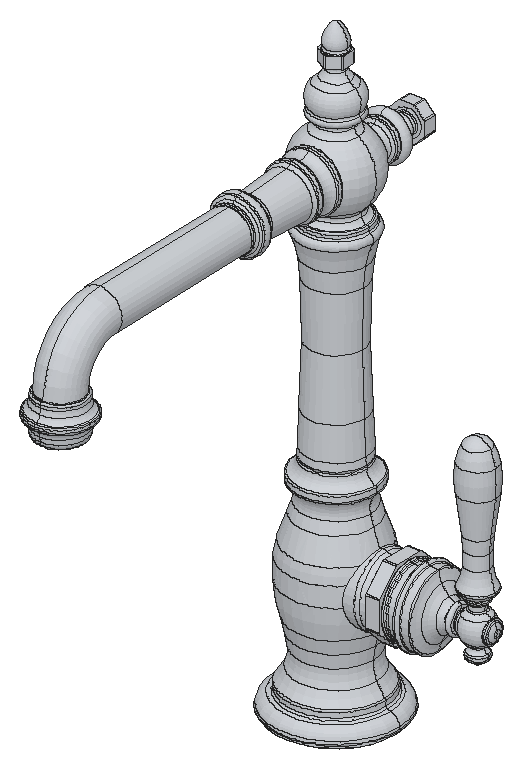
Revit family "Faucet-Bar-KOHLER-Artifacts-K-99267_1", category Plumbing Fixtures, host Face, Revit 2015 (continued)
Definition of nested family "K-99267"
  Lines and regions (in)
    Masking region 2
      outline origin (0, 0, 0) x (1, 0, 0) y (0, 0, 1)
        loop
          arc (-0.60929, 9.11694) -> (-0.6282, 9.11088) -> (-0.64805, 9.11099) r 0.06323
          arc (-0.64805, 9.11099) -> (-0.66831, 9.10538) -> (-0.67714, 9.0863) r 0.02502
          line (-0.67714, 9.0863) -> (-0.67714, 9.02526)
          arc (-0.67714, 9.02526) -> (-0.68462, 8.99859) -> (-0.70488, 8.97969) r 0.0513
          arc (-0.70488, 8.97969) -> (-0.76102, 8.91477) -> (-0.75686, 8.82905) r 0.11547
          arc (-0.75686, 8.82905) -> (-0.67414, 8.60778) -> (-0.62381, 8.37697) r 1.65287
          arc (-0.62381, 8.37697) -> (-0.59849, 8.17152) -> (-0.58162, 7.9652) r 5.04129
          arc (-0.58162, 7.9652) -> (-0.55809, 7.39733) -> (-0.55685, 6.82897) r 14.48586
          arc (-0.55685, 6.82897) -> (-0.57279, 6.20642) -> (-0.59892, 5.58421) r 38.0812
          arc (-0.59892, 5.58421) -> (-0.61447, 5.24412) -> (-0.62699, 4.90391) r 38.26456
          arc (-0.62699, 4.90391) -> (-0.63066, 4.82297) -> (-0.63642, 4.74216) r 3.13555
          arc (-0.63642, 4.74216) -> (-0.6301, 4.72369) -> (-0.61222, 4.71584) r 0.02428
          line (-0.61222, 4.71584) -> (-0.55428, 4.71584) -> (-0.58249, 4.70084) -> (-0.61452, 4.70084)
    Masking region 3
      outline origin (0, 0, 0) x (0, 1, 0) y (0, 0, 1)
        loop
          line (-7.44432, 8) -> (-7, 8) -> (-6.55568, 8)
          arc (-6.55568, 8) -> (-6.53604, 8.00477) -> (-6.52078, 8.018) r 0.04283
          arc (-6.52078, 8.018) -> (-6.49964, 8.05805) -> (-6.48976, 8.10224) r 0.17105
          arc (-6.48976, 8.10224) -> (-6.48432, 8.15312) -> (-6.47695, 8.20377) r 1.34168
          arc (-6.47695, 8.20377) -> (-6.45455, 8.27193) -> (-6.41257, 8.33011) r 0.23417
          arc (-6.41257, 8.33011) -> (-6.39365, 8.34592) -> (-6.37206, 8.35784) r 0.12888
          arc (-6.37206, 8.35784) -> (-6.3597, 8.36824) -> (-6.35508, 8.38371) r 0.02819
          line (-6.35508, 8.38371) -> (-6.35508, 8.44535)
          arc (-6.35508, 8.44535) -> (-6.3593, 8.4604) -> (-6.37074, 8.47106) r 0.02893
          arc (-6.37074, 8.47106) -> (-6.38572, 8.47968) -> (-6.39984, 8.48963) r 0.18854
          arc (-6.39984, 8.48963) -> (-6.44887, 8.54112) -> (-6.48048, 8.6048) r 0.23772
          arc (-6.48048, 8.6048) -> (-6.49409, 8.66071) -> (-6.49954, 8.718) r 0.40029
          arc (-6.49954, 8.718) -> (-6.49988, 8.74714) -> (-6.49957, 8.77628) r 1.30593
          arc (-6.49957, 8.77628) -> (-6.50767, 8.79677) -> (-6.52799, 8.80532) r 0.02842
          line (-6.52799, 8.80532) -> (-6.56663, 8.80532) -> (-6.56663, 8.96515)
          arc (-6.56663, 8.96515) -> (-6.39719, 9.37423) -> (-5.98811, 9.54367) r 0.57853
          line (-5.98811, 9.54367) -> (-2.70533, 9.54367)
          arc (-2.70533, 9.54367) -> (-2.67942, 9.54178) -> (-2.65394, 9.53671) r 0.21093
          arc (-2.65394, 9.53671) -> (-2.63818, 9.53186) -> (-2.62288, 9.52573) r 0.2015
          arc (-2.62288, 9.52573) -> (-2.59515, 9.50959) -> (-2.57142, 9.488) r 0.15218
          arc (-2.57142, 9.488) -> (-2.54961, 9.4616) -> (-2.52976, 9.4337) r 0.47392
          arc (-2.52976, 9.4337) -> (-2.51921, 9.42264) -> (-2.50546, 9.41597) r 0.0429
          arc (-2.50546, 9.41597) -> (-2.43102, 9.40613) -> (-2.35677, 9.41734) r 0.26784
          arc (-2.35677, 9.41734) -> (-2.34266, 9.42536) -> (-2.33349, 9.43876) r 0.03613
          arc (-2.33349, 9.43876) -> (-2.26937, 9.51677) -> (-2.17163, 9.54218) r 0.16335
          line (-2.17163, 9.54218) -> (-1.23791, 9.48618)
          arc (-1.23791, 9.48618) -> (-1.19007, 9.47088) -> (-1.15539, 9.43453) r 0.10165
          arc (-1.15539, 9.43453) -> (-1.14456, 9.42351) -> (-1.12963, 9.41946) r 0.02956
          line (-1.12963, 9.41946) -> (-1.04505, 9.41946)
          arc (-1.04505, 9.41946) -> (-1.02903, 9.42273) -> (-1.01557, 9.432) r 0.04092
          arc (-1.01557, 9.432) -> (-0.84741, 9.49288) -> (-0.69653, 9.39687) r 0.20264
          arc (-0.69653, 9.39687) -> (-0.68457, 9.38533) -> (-0.66848, 9.38112) r 0.03284
          line (-0.66848, 9.38112) -> (-0.56732, 9.38112)
          arc (-0.56732, 9.38112) -> (-0.54177, 9.35013) -> (-0.51913, 9.31695) r 0.44309
          arc (-0.51913, 9.31695) -> (-0.50298, 9.2715) -> (-0.50693, 9.22343) r 0.1147
          arc (-0.50693, 9.22343) -> (-0.54073, 9.16101) -> (-0.59638, 9.11694) r 0.17662
          arc (-0.59638, 9.11694) -> (-0.61529, 9.11088) -> (-0.63514, 9.11099) r 0.06323
          arc (-0.63514, 9.11099) -> (-0.6554, 9.10538) -> (-0.66423, 9.0863) r 0.02502
          line (-0.66423, 9.0863) -> (-0.66423, 9.02526)
          arc (-0.66423, 9.02526) -> (-0.67171, 8.99859) -> (-0.69197, 8.97969) r 0.0513
          arc (-0.69197, 8.97969) -> (-0.74811, 8.91477) -> (-0.74395, 8.82905) r 0.11547
          arc (-0.74395, 8.82905) -> (-0.66123, 8.60778) -> (-0.6109, 8.37697) r 1.65287
          arc (-0.6109, 8.37697) -> (-0.58558, 8.17152) -> (-0.56871, 7.9652) r 5.04129
          arc (-0.56871, 7.9652) -> (-0.54518, 7.39733) -> (-0.54394, 6.82897) r 14.48586
          arc (-0.54394, 6.82897) -> (-0.55988, 6.20642) -> (-0.58601, 5.58421) r 38.0812
          arc (-0.58601, 5.58421) -> (-0.60156, 5.24412) -> (-0.61409, 4.90391) r 38.26456
          arc (-0.61409, 4.90391) -> (-0.61775, 4.82297) -> (-0.62351, 4.74216) r 3.13555
          arc (-0.62351, 4.74216) -> (-0.61719, 4.72369) -> (-0.59932, 4.71584) r 0.02428
          line (-0.59932, 4.71584) -> (-0.54137, 4.71584) -> (-0.56958, 4.70084) -> (-0.60161, 4.70084)
          arc (-0.60161, 4.70084) -> (-0.61895, 4.69369) -> (-0.6262, 4.6764) r 0.02459
          arc (-0.6262, 4.6764) -> (-0.67457, 4.53002) -> (-0.7996, 4.43985) r 0.25
          arc (-0.7996, 4.43985) -> (-0.81445, 4.42911) -> (-0.82013, 4.41168) r 0.0296
          line (-0.82013, 4.41168) -> (-0.82013, 4.30357)
          arc (-0.82013, 4.30357) -> (-0.81558, 4.28167) -> (-0.80267, 4.26341) r 0.05492
          arc (-0.80267, 4.26341) -> (-0.69998, 4.09461) -> (-0.70009, 3.89703) r 0.36568
          arc (-0.70009, 3.89703) -> (-0.73504, 3.78372) -> (-0.77562, 3.6723) r 2.36552
          arc (-0.77562, 3.6723) -> (-0.86483, 3.43077) -> (-0.94403, 3.18577) r 6.26197
          arc (-0.94403, 3.18577) -> (-0.97996, 3.03558) -> (-0.99847, 2.88227) r 1.34785
          arc (-0.99847, 2.88227) -> (-1.00611, 2.68179) -> (-1.00381, 2.48118) r 4.04828
          arc (-1.00381, 2.48118) -> (-0.97046, 2.14962) -> (-0.89509, 1.82502) r 2.60678
          arc (-0.89509, 1.82502) -> (-0.85331, 1.67891) -> (-0.81552, 1.53171) r 5.58851
          arc (-0.81552, 1.53171) -> (-0.78736, 1.39408) -> (-0.76916, 1.25477) r 1.9555
          arc (-0.76916, 1.25477) -> (-0.77612, 1.06984) -> (-0.83097, 0.89309) r 0.705
          arc (-0.83097, 0.89309) -> (-0.90566, 0.75434) -> (-0.99679, 0.62579) r 1.28478
          arc (-0.99679, 0.62579) -> (-1.00635, 0.60862) -> (-1.00967, 0.58925) r 0.05826
          line (-1.00967, 0.58925) -> (-1.00967, 0.49075)
          arc (-1.00967, 0.49075) -> (-1.01787, 0.4641) -> (-1.03965, 0.44668) r 0.04739
          arc (-1.03965, 0.44668) -> (-1.07441, 0.4335) -> (-1.10953, 0.4213) r 1.33753
          arc (-1.10953, 0.4213) -> (-1.22687, 0.34456) -> (-1.29092, 0.21985) r 0.27414
          arc (-1.29092, 0.21985) -> (-1.29622, 0.19122) -> (-1.29963, 0.1623) r 0.44344
          arc (-1.29963, 0.1623) -> (-1.29424, 0.14655) -> (-1.279, 0.13985) r 0.0207
          line (-1.279, 0.13985) -> (-1.24047, 0.13985) -> (-1.24047, 0.06985) -> (-1.12281, 0.06985) -> (-1.13519, 0.02364)
          arc (-1.13519, 0.02364) -> (-1.13254, 0.00811) -> (-1.11904, 0) r 0.01887
          line (-1.11904, 0) -> (1.11489, 0)
          arc (1.11489, 0) -> (1.13128, 0.00646) -> (1.13519, 0.02364) r 0.01887
          line (1.13519, 0.02364) -> (1.12281, 0.06985) -> (1.24047, 0.06985) -> (1.24047, 0.13985) -> (1.279, 0.13985)
          arc (1.279, 0.13985) -> (1.29424, 0.14655) -> (1.29963, 0.1623) r 0.0207
          arc (1.29963, 0.1623) -> (1.29622, 0.19122) -> (1.29092, 0.21985) r 0.44344
          arc (1.29092, 0.21985) -> (1.22687, 0.34456) -> (1.10953, 0.4213) r 0.27414
          arc (1.10953, 0.4213) -> (1.07441, 0.4335) -> (1.03965, 0.44668) r 1.33753
          arc (1.03965, 0.44668) -> (1.01787, 0.4641) -> (1.00967, 0.49075) r 0.04739
          line (1.00967, 0.49075) -> (1.00967, 0.58925)
          arc (1.00967, 0.58925) -> (1.00635, 0.60862) -> (0.99679, 0.62579) r 0.05826
          arc (0.99679, 0.62579) -> (0.90566, 0.75434) -> (0.83097, 0.89309) r 1.28478
          arc (0.83097, 0.89309) -> (0.77612, 1.06984) -> (0.76916, 1.25477) r 0.705
          arc (0.76916, 1.25477) -> (0.78736, 1.39408) -> (0.81552, 1.53171) r 1.9555
          arc (0.81552, 1.53171) -> (0.85331, 1.67891) -> (0.89509, 1.82502) r 5.58851
          arc (0.89509, 1.82502) -> (0.97046, 2.14962) -> (1.00381, 2.48118) r 2.60678
          arc (1.00381, 2.48118) -> (1.00611, 2.68179) -> (0.99847, 2.88227) r 4.04828
          arc (0.99847, 2.88227) -> (0.97996, 3.03558) -> (0.94403, 3.18577) r 1.34785
          arc (0.94403, 3.18577) -> (0.86483, 3.43077) -> (0.77562, 3.6723) r 6.26197
          arc (0.77562, 3.6723) -> (0.73504, 3.78372) -> (0.70009, 3.89703) r 2.36552
          arc (0.70009, 3.89703) -> (0.69998, 4.09461) -> (0.80267, 4.26341) r 0.36568
          arc (0.80267, 4.26341) -> (0.81558, 4.28167) -> (0.82013, 4.30357) r 0.05492
          line (0.82013, 4.30357) -> (0.82013, 4.41168)
          arc (0.82013, 4.41168) -> (0.81445, 4.42911) -> (0.7996, 4.43985) r 0.0296
          arc (0.7996, 4.43985) -> (0.67457, 4.53002) -> (0.6262, 4.6764) r 0.25
          arc (0.6262, 4.6764) -> (0.61895, 4.69369) -> (0.60161, 4.70084) r 0.02459
          line (0.60161, 4.70084) -> (0.56958, 4.70084) -> (0.54137, 4.71584) -> (0.59932, 4.71584)
          arc (0.59932, 4.71584) -> (0.61719, 4.72369) -> (0.62351, 4.74216) r 0.02428
          arc (0.62351, 4.74216) -> (0.61775, 4.82297) -> (0.61409, 4.90391) r 3.13555
          arc (0.61409, 4.90391) -> (0.60156, 5.24412) -> (0.58601, 5.58421) r 38.26456
          arc (0.58601, 5.58421) -> (0.55988, 6.20642) -> (0.54394, 6.82897) r 38.0812
          arc (0.54394, 6.82897) -> (0.54518, 7.39733) -> (0.56871, 7.9652) r 14.48586
          arc (0.56871, 7.9652) -> (0.58558, 8.17152) -> (0.6109, 8.37697) r 5.04129
          arc (0.6109, 8.37697) -> (0.66123, 8.60778) -> (0.74395, 8.82905) r 1.65287
          arc (0.74395, 8.82905) -> (0.74811, 8.91477) -> (0.69197, 8.97969) r 0.11547
          arc (0.69197, 8.97969) -> (0.67171, 8.99859) -> (0.66423, 9.02526) r 0.0513
          line (0.66423, 9.02526) -> (0.66423, 9.0863)
          arc (0.66423, 9.0863) -> (0.6554, 9.10538) -> (0.63514, 9.11099) r 0.02502
          arc (0.63514, 9.11099) -> (0.61529, 9.11088) -> (0.59638, 9.11694) r 0.06323
          arc (0.59638, 9.11694) -> (0.54073, 9.16101) -> (0.50693, 9.22343) r 0.17662
          arc (0.50693, 9.22343) -> (0.50298, 9.2715) -> (0.51913, 9.31695) r 0.1147
          arc (0.51913, 9.31695) -> (0.54942, 9.36002) -> (0.58459, 9.39919) r 0.44309
          arc (0.58459, 9.39919) -> (0.66031, 9.48529) -> (0.72328, 9.58111) r 0.82077
          arc (0.72328, 9.58111) -> (0.75676, 9.61501) -> (0.79291, 9.64604) r 0.5784
          arc (0.79291, 9.64604) -> (0.88162, 9.67683) -> (0.97033, 9.64604) r 0.14319
          arc (0.97033, 9.64604) -> (1.00012, 9.61543) -> (1.02098, 9.57816) r 0.16379
          arc (1.02098, 9.57816) -> (1.03093, 9.56579) -> (1.0461, 9.56114) r 0.02704
          line (1.0461, 9.56114) -> (1.12273, 9.56114)
          arc (1.12273, 9.56114) -> (1.13831, 9.56792) -> (1.14396, 9.58393) r 0.02128
          arc (1.14396, 9.58393) -> (1.23519, 9.48137) -> (1.36144, 9.53526) r 0.11753
          arc (1.36144, 9.53526) -> (1.40757, 9.6178) -> (1.44798, 9.70329) r 1.38853
          arc (1.44798, 9.70329) -> (1.46246, 9.73) -> (1.48144, 9.75373) r 0.17069
          arc (1.48144, 9.75373) -> (1.50573, 9.77472) -> (1.53351, 9.79078) r 0.17069
          arc (1.53351, 9.79078) -> (1.55291, 9.79091) -> (1.56584, 9.77644) r 0.02358
          arc (1.56584, 9.77644) -> (1.62127, 9.73582) -> (1.67664, 9.77652) r 0.05807
          arc (1.67664, 9.77652) -> (1.68532, 9.78895) -> (1.69955, 9.79416) r 0.02519
          arc (1.69955, 9.79416) -> (1.73008, 9.79198) -> (1.75929, 9.78285) r 0.13232
          arc (1.75929, 9.78285) -> (1.77408, 9.77363) -> (1.78577, 9.76071) r 0.06296
          arc (1.78577, 9.76071) -> (1.79896, 9.73406) -> (1.80444, 9.70483) r 0.10876
          line (1.80444, 9.70483) -> (1.80444, 9.65046)
          arc (1.80444, 9.65046) -> (1.81359, 9.62836) -> (1.83569, 9.61921) r 0.03125
          line (1.83569, 9.61921) -> (2.02796, 9.61921)
          arc (2.02796, 9.61921) -> (2.05006, 9.62836) -> (2.05921, 9.65046) r 0.03125
          line (2.05921, 9.65046) -> (2.05921, 9.68883)
          arc (2.05921, 9.68883) -> (2.06699, 9.70873) -> (2.08384, 9.72186) r 0.04034
          arc (2.08384, 9.72186) -> (2.1093, 9.73896) -> (2.12622, 9.76455) r 0.07813
          arc (2.12622, 9.76455) -> (2.16856, 9.98087) -> (2.12622, 10.1972) r 0.57384
          arc (2.12622, 10.1972) -> (2.10931, 10.22279) -> (2.08384, 10.23989) r 0.07814
          arc (2.08384, 10.23989) -> (2.06699, 10.25302) -> (2.05921, 10.27292) r 0.04034
          line (2.05921, 10.27292) -> (2.05921, 10.31129)
          arc (2.05921, 10.31129) -> (2.05006, 10.33339) -> (2.02796, 10.34254) r 0.03125
          line (2.02796, 10.34254) -> (1.83569, 10.34254)
          arc (1.83569, 10.34254) -> (1.81359, 10.33339) -> (1.80444, 10.31129) r 0.03125
          line (1.80444, 10.31129) -> (1.80444, 10.25692)
          arc (1.80444, 10.25692) -> (1.79896, 10.22769) -> (1.78577, 10.20104) r 0.10876
          arc (1.78577, 10.20104) -> (1.77408, 10.18812) -> (1.75929, 10.1789) r 0.06296
          arc (1.75929, 10.1789) -> (1.73008, 10.16977) -> (1.69955, 10.1676) r 0.13232
          arc (1.69955, 10.1676) -> (1.68532, 10.1728) -> (1.67664, 10.18523) r 0.02519
          arc (1.67664, 10.18523) -> (1.62127, 10.22593) -> (1.56584, 10.18531) r 0.05807
          arc (1.56584, 10.18531) -> (1.55291, 10.17084) -> (1.53351, 10.17097) r 0.02358
          arc (1.53351, 10.17097) -> (1.50573, 10.18704) -> (1.48144, 10.20802) r 0.17069
          arc (1.48144, 10.20802) -> (1.46246, 10.23175) -> (1.44798, 10.25846) r 0.17069
          arc (1.44798, 10.25846) -> (1.40757, 10.34395) -> (1.36144, 10.42649) r 1.38853
          arc (1.36144, 10.42649) -> (1.23519, 10.48039) -> (1.14396, 10.37782) r 0.11753
          arc (1.14396, 10.37782) -> (1.13831, 10.39384) -> (1.12273, 10.40062) r 0.02128
          line (1.12273, 10.40062) -> (1.0461, 10.40062)
          arc (1.0461, 10.40062) -> (1.03093, 10.39596) -> (1.02098, 10.38359) r 0.02704
          arc (1.02098, 10.38359) -> (1.00012, 10.34632) -> (0.97033, 10.31571) r 0.16379
          arc (0.97033, 10.31571) -> (0.88162, 10.28492) -> (0.79291, 10.31571) r 0.14319
          arc (0.79291, 10.31571) -> (0.75977, 10.34395) -> (0.72885, 10.3746) r 0.5784
          arc (0.72885, 10.3746) -> (0.61067, 10.53963) -> (0.4556, 10.67061) r 0.82077
          arc (0.4556, 10.67061) -> (0.39579, 10.72835) -> (0.36174, 10.80418) r 0.21958
          arc (0.36174, 10.80418) -> (0.36938, 10.86385) -> (0.41438, 10.90376) r 0.08561
          arc (0.41438, 10.90376) -> (0.43731, 10.91269) -> (0.46015, 10.92183) r 2.62318
          arc (0.46015, 10.92183) -> (0.50273, 10.97539) -> (0.4789, 11.03953) r 0.06962
          arc (0.4789, 11.03953) -> (0.46237, 11.06813) -> (0.46787, 11.1007) r 0.04875
          arc (0.46787, 11.1007) -> (0.50632, 11.3211) -> (0.39762, 11.51665) r 0.3354
          arc (0.39762, 11.51665) -> (0.34031, 11.5678) -> (0.28352, 11.61954) r 7.39438
          arc (0.28352, 11.61954) -> (0.22431, 11.68917) -> (0.18367, 11.77104) r 0.37575
          arc (0.18367, 11.77104) -> (0.19266, 11.84733) -> (0.2585, 11.88689) r 0.08718
          arc (0.2585, 11.88689) -> (0.28261, 11.89479) -> (0.29291, 11.91798) r 0.03125
          line (0.29291, 11.91798) -> (0.29291, 12.08899)
          arc (0.29291, 12.08899) -> (0.28376, 12.11109) -> (0.26166, 12.12024) r 0.03125
          line (0.26166, 12.12024) -> (0.22932, 12.12024)
          arc (0.22932, 12.12024) -> (0.22046, 12.13753) -> (0.21447, 12.15601) r 0.12186
          arc (0.21447, 12.15601) -> (0.21292, 12.17249) -> (0.21599, 12.18876) r 0.05923
          spline (0.21599, 12.18876) -> (0.22314, 12.22781) -> (0.22335, 12.26784) -> (0.21613, 12.30631) -> (0.20314, 12.34305) -> (0.1865, 12.37835) -> (0.16801, 12.41248) -> (0.1477, 12.44541) -> (0.12506, 12.47701) -> (0.09959, 12.50717) -> (0.07073, 12.53449) -> (0.03778, 12.55475) -> (0, 12.5625)
          spline (0, 12.5625) -> (-0.03778, 12.55475) -> (-0.07073, 12.53449) -> (-0.09959, 12.50717) -> (-0.12506, 12.47701) -> (-0.1477, 12.44541) -> (-0.16801, 12.41248) -> (-0.1865, 12.37835) -> (-0.20314, 12.34305) -> (-0.21613, 12.30631) -> (-0.22335, 12.26784) -> (-0.22314, 12.22781) -> (-0.21599, 12.18876)
          arc (-0.21599, 12.18876) -> (-0.21292, 12.17249) -> (-0.21447, 12.15601) r 0.05923
          arc (-0.21447, 12.15601) -> (-0.22046, 12.13753) -> (-0.22932, 12.12024) r 0.12186
          line (-0.22932, 12.12024) -> (-0.26137, 12.12024)
          arc (-0.26137, 12.12024) -> (-0.28347, 12.11109) -> (-0.29262, 12.08899) r 0.03125
          line (-0.29262, 12.08899) -> (-0.29262, 11.91798)
          arc (-0.29262, 11.91798) -> (-0.28237, 11.89483) -> (-0.25835, 11.88687) r 0.03125
          arc (-0.25835, 11.88687) -> (-0.19262, 11.84726) -> (-0.18367, 11.77104) r 0.08718
          arc (-0.18367, 11.77104) -> (-0.22431, 11.68917) -> (-0.28352, 11.61954) r 0.37575
          arc (-0.28352, 11.61954) -> (-0.34031, 11.5678) -> (-0.39762, 11.51665) r 7.39438
          arc (-0.39762, 11.51665) -> (-0.50632, 11.3211) -> (-0.46787, 11.1007) r 0.3354
          arc (-0.46787, 11.1007) -> (-0.46237, 11.06813) -> (-0.4789, 11.03953) r 0.04875
          arc (-0.4789, 11.03953) -> (-0.50273, 10.97539) -> (-0.46015, 10.92183) r 0.06962
          arc (-0.46015, 10.92183) -> (-0.43731, 10.91269) -> (-0.41438, 10.90376) r 2.62318
          arc (-0.41438, 10.90376) -> (-0.36938, 10.86385) -> (-0.36174, 10.80418) r 0.08561
          arc (-0.36174, 10.80418) -> (-0.39579, 10.72835) -> (-0.4556, 10.67061) r 0.21958
          arc (-0.4556, 10.67061) -> (-0.51482, 10.62816) -> (-0.57005, 10.58063) r 0.82077
          line (-0.57005, 10.58063) -> (-0.66848, 10.58063)
          arc (-0.66848, 10.58063) -> (-0.68457, 10.57642) -> (-0.69653, 10.56488) r 0.03284
          arc (-0.69653, 10.56488) -> (-0.84741, 10.46887) -> (-1.01557, 10.52975) r 0.20264
          arc (-1.01557, 10.52975) -> (-1.02903, 10.53902) -> (-1.04505, 10.54229) r 0.04092
          line (-1.04505, 10.54229) -> (-1.12963, 10.54229)
          arc (-1.12963, 10.54229) -> (-1.14456, 10.53825) -> (-1.15539, 10.52722) r 0.02956
          arc (-1.15539, 10.52722) -> (-1.19007, 10.49087) -> (-1.23791, 10.47557) r 0.10165
          line (-1.23791, 10.47557) -> (-2.17163, 10.41957)
          arc (-2.17163, 10.41957) -> (-2.26937, 10.44498) -> (-2.33349, 10.52299) r 0.16335
          arc (-2.33349, 10.52299) -> (-2.34266, 10.53639) -> (-2.35677, 10.54441) r 0.03613
          arc (-2.35677, 10.54441) -> (-2.43102, 10.55562) -> (-2.50546, 10.54578) r 0.26784
          arc (-2.50546, 10.54578) -> (-2.51921, 10.53912) -> (-2.52976, 10.52805) r 0.0429
          arc (-2.52976, 10.52805) -> (-2.54961, 10.50015) -> (-2.57142, 10.47375) r 0.47392
          arc (-2.57142, 10.47375) -> (-2.59515, 10.45216) -> (-2.62288, 10.43602) r 0.15218
          arc (-2.62288, 10.43602) -> (-2.63818, 10.42989) -> (-2.65394, 10.42504) r 0.2015
          arc (-2.65394, 10.42504) -> (-2.674, 10.42083) -> (-2.69437, 10.41867) r 0.2015
          line (-2.69437, 10.41867) -> (-5.991, 10.41867)
          arc (-5.991, 10.41867) -> (-7.01675, 9.99379) -> (-7.44163, 8.96804) r 1.45063
          line (-7.44163, 8.96804) -> (-7.44163, 8.80532) -> (-7.47381, 8.80532)
          arc (-7.47381, 8.80532) -> (-7.49288, 8.79729) -> (-7.50046, 8.77804) r 0.02666
          arc (-7.50046, 8.77804) -> (-7.50012, 8.74802) -> (-7.50046, 8.718) r 1.30593
          arc (-7.50046, 8.718) -> (-7.50591, 8.66071) -> (-7.51952, 8.6048) r 0.40029
          arc (-7.51952, 8.6048) -> (-7.55113, 8.54112) -> (-7.60016, 8.48963) r 0.23772
          arc (-7.60016, 8.48963) -> (-7.61428, 8.47968) -> (-7.62926, 8.47106) r 0.18854
          arc (-7.62926, 8.47106) -> (-7.6407, 8.4604) -> (-7.64492, 8.44535) r 0.02893
          line (-7.64492, 8.44535) -> (-7.64492, 8.38371)
          arc (-7.64492, 8.38371) -> (-7.6403, 8.36824) -> (-7.62794, 8.35784) r 0.02819
          arc (-7.62794, 8.35784) -> (-7.60635, 8.34592) -> (-7.58743, 8.33011) r 0.12888
          arc (-7.58743, 8.33011) -> (-7.54545, 8.27193) -> (-7.52305, 8.20377) r 0.23417
          arc (-7.52305, 8.20377) -> (-7.51568, 8.15312) -> (-7.51024, 8.10224) r 1.34168
          arc (-7.51024, 8.10224) -> (-7.50036, 8.05805) -> (-7.47922, 8.018) r 0.17105
          arc (-7.47922, 8.018) -> (-7.46396, 8.00477) -> (-7.44432, 8) r 0.04283
    symbolic lines, detail levels medium+fine
      curve 1: arc (-0.4375, -7.00413, 0) -> (0, -7.44163, 0) -> (0.4375, -7.00413, 0) r 0.4375
      curve 2: arc (-0.4375, -6.76207, 0) -> (0, -7.50413, 0) -> (0.4375, -6.76207, 0) r 0.5
      curve 3: line (-0.4375, -6.53462, 0) -> (-0.4375, -7.00413, 0)
      curve 4: line (0.4375, -6.53462, 0) -> (0.4375, -7.00413, 0)
      curve 5: line (-0.4375, -2.70953, 0) -> (0.4375, -2.70953, 0)
      curve 6: arc (-0.33483, 0.7917, 0) -> (-0.30404, 0.88041, 0) -> (-0.33483, 0.96912, 0) r 0.14319
      curve 7: line (-0.41974, 1.0449, 0) -> (-0.41974, 1.12153, 0)
      curve 8: arc (-0.33483, 0.96912, 0) -> (-0.36544, 0.99891, 0) -> (-0.40271, 1.01978, 0) r 0.16379
      curve 9: arc (-0.40271, 1.01978, 0) -> (-0.41508, 1.02973, 0) -> (-0.41974, 1.0449, 0) r 0.02704
      curve 10: line (-0.56141, -1.13084, 0) -> (-0.56141, -1.04625, 0)
      curve 11: arc (-0.54634, -1.1566, 0) -> (-0.55737, -1.14576, 0) -> (-0.56141, -1.13084, 0) r 0.02956
      curve 12: line (-0.59975, -0.66969, 0) -> (-0.59975, -0.59529, 0)
      curve 13: arc (-0.59975, -0.59529, 0) -> (-0.59808, -0.5865, 0) -> (-0.59331, -0.57892, 0) r 0.02401
      curve 14: arc (-0.584, -0.69774, 0) -> (-0.59554, -0.68577, 0) -> (-0.59975, -0.66969, 0) r 0.03284
      curve 15: arc (-0.584, -0.69774, 0) -> (-0.48799, -0.84862, 0) -> (-0.54887, -1.01677, 0) r 0.20264
      curve 16: arc (-0.56141, -1.04625, 0) -> (-0.55814, -1.03023, 0) -> (-0.54887, -1.01677, 0) r 0.04092
      curve 17: arc (-0.38923, 0.73189, 0) -> (-0.36098, 0.76084, 0) -> (-0.33483, 0.7917, 0) r 0.5784
      curve 18: arc (-0.5183, -1.17891, 0) -> (-0.53143, -1.16663, 0) -> (-0.54634, -1.1566, 0) r 0.11254
      curve 19: arc (-0.49612, -1.21512, 0) -> (-0.50549, -1.19596, 0) -> (-0.5183, -1.17891, 0) r 0.11287
      curve 20: arc (-0.49384, 1.21605, 0) -> (-0.45528, 1.16671, 0) -> (-0.39694, 1.14396, 0) r 0.11832
      curve 21: arc (-0.41974, 1.12153, 0) -> (-0.41304, 1.13752, 0) -> (-0.39694, 1.14396, 0) r 0.02243
      curve 22: arc (0.33483, 0.7917, 0) -> (0.30404, 0.88041, 0) -> (0.33483, 0.96912, 0) r 0.14319
      curve 23: line (0.41974, 1.0449, 0) -> (0.41974, 1.12153, 0)
      curve 24: arc (0.33483, 0.96912, 0) -> (0.36544, 0.99891, 0) -> (0.40271, 1.01978, 0) r 0.16379
      curve 25: arc (0.40271, 1.01978, 0) -> (0.41508, 1.02973, 0) -> (0.41974, 1.0449, 0) r 0.02704
      curve 26: line (0.56141, -1.13084, 0) -> (0.56141, -1.04625, 0)
      curve 27: arc (0.54634, -1.1566, 0) -> (0.55737, -1.14576, 0) -> (0.56141, -1.13084, 0) r 0.02956
      curve 28: line (0.59975, -0.66969, 0) -> (0.59975, -0.59529, 0)
      curve 29: arc (0.59975, -0.59529, 0) -> (0.59808, -0.5865, 0) -> (0.59331, -0.57892, 0) r 0.02401
      curve 30: arc (0.584, -0.69774, 0) -> (0.59554, -0.68577, 0) -> (0.59975, -0.66969, 0) r 0.03284
      curve 31: arc (0.584, -0.69774, 0) -> (0.48799, -0.84862, 0) -> (0.54887, -1.01677, 0) r 0.20264
      curve 32: arc (0.56141, -1.04625, 0) -> (0.55814, -1.03023, 0) -> (0.54887, -1.01677, 0) r 0.04092
      curve 33: arc (0.38923, 0.73189, 0) -> (0.36098, 0.76084, 0) -> (0.33483, 0.7917, 0) r 0.5784
      curve 34: arc (0.5183, -1.17891, 0) -> (0.53143, -1.16663, 0) -> (0.54634, -1.1566, 0) r 0.11254
      curve 35: arc (0.49612, -1.21512, 0) -> (0.50549, -1.19596, 0) -> (0.5183, -1.17891, 0) r 0.11287
      curve 36: arc (0.49384, 1.21605, 0) -> (0.45528, 1.16671, 0) -> (0.39694, 1.14396, 0) r 0.11832
      curve 37: arc (0.41974, 1.12153, 0) -> (0.41304, 1.13752, 0) -> (0.39694, 1.14396, 0) r 0.02243
      curve 38: line (-0.28336, 2.05921, 0) -> (0.28651, 2.05921, 0)
      curve 39: line (-0.28128, 1.80444, 0) -> (0.27605, 1.80444, 0)
      curve 40: line (-0.39694, 1.14396, 0) -> (0.39694, 1.14396, 0)
      curve 41: arc (2.57288, 0.21136, 0) -> (2.50885, 0, 0) -> (2.57288, -0.21136, 0) r 0.38086
      curve 42: arc (3.17679, 0.23469, 0) -> (3.25761, 0, 0) -> (3.17679, -0.23469, 0) r 0.38117
      curve 43: line (1.77783, 0.67766, 0) -> (1.77783, -0.67766, 0)
      curve 44: line (1.21544, 0.6745, 0) -> (1.21544, -0.6745, 0)
      curve 45: circle (0, 0, 0) r 0.82895 normal (0, 0, 1)
      curve 46: arc (-0.32849, 0.96044, 0) -> (-1.01132, 0.08701, 0) -> (-0.48771, -0.89021, 0) r 1.01506
      curve 47: line (-0.01483, 0.28894, 0) -> (-0.24261, 0.15743, 0)
      curve 48: arc (-0.24261, 0.15743, 0) -> (-0.25362, 0.14642, 0) -> (-0.25764, 0.13139, 0) r 0.03006
      curve 49: line (-0.25764, 0.13139, 0) -> (-0.25764, -0.13097, 0)
      curve 50: arc (-0.25764, -0.13097, 0) -> (-0.25352, -0.14637, 0) -> (-0.24224, -0.15764, 0) r 0.0308
      curve 51: line (-0.24224, -0.15764, 0) -> (-0.01576, -0.2884, 0)
      curve 52: arc (-0.01576, -0.2884, 0) -> (0, -0.29262, 0) -> (0.01576, -0.2884, 0) r 0.03151
      curve 53: line (0.01576, -0.2884, 0) -> (0.2425, -0.15749, 0)
      curve 54: arc (0.2425, -0.15749, 0) -> (0.25358, -0.14641, 0) -> (0.25764, -0.13126, 0) r 0.03029
      curve 55: line (0.25764, -0.13126, 0) -> (0.25764, 0.13071, 0)
      curve 56: arc (0.25764, 0.13071, 0) -> (0.25346, 0.14633, 0) -> (0.24202, 0.15777, 0) r 0.03125
      curve 57: line (0.24202, 0.15777, 0) -> (0.01483, 0.28894, 0)
      curve 58: arc (0.01483, 0.28894, 0) -> (0, 0.29291, 0) -> (-0.01483, 0.28894, 0) r 0.02965
      curve 59: circle (0, 0, 0) r 0.2123 normal (0, 0, 1)
      curve 60: circle (0, 0, 0) r 0.23191 normal (0, 0, 1)
      curve 61: circle (0, 0, 0) r 0.54137 normal (0, 0, 1)
      curve 62: arc (0.48771, -0.89021, 0) -> (1.01132, 0.08701, 0) -> (0.32849, 0.96044, 0) r 1.01506
      curve 63: line (0.71066, 0.72477, 0) -> (0.95011, 0.72477, 0)
      curve 64: arc (0.95011, 0.72477, 0) -> (0.99274, 0.72029, 0) -> (1.03352, 0.70704, 0) r 0.20507
      curve 65: arc (1.03352, 0.70704, 0) -> (1.07717, 0.6908, 0) -> (1.12252, 0.68016, 0) r 0.37145
      curve 66: line (0.71066, -0.72477, 0) -> (0.95011, -0.72477, 0)
      curve 67: arc (0.95011, -0.72477, 0) -> (0.99274, -0.72029, 0) -> (1.03352, -0.70704, 0) r 0.20507
      curve 68: arc (1.03352, -0.70704, 0) -> (1.07717, -0.6908, 0) -> (1.12252, -0.68016, 0) r 0.37145
      curve 69: line (-1.13571, 0, 0.06985) -> (1.13571, 0, 0.06985)
      curve 70: line (-1.25338, 0, 0.13985) -> (1.25338, 0, 0.13985)
      curve 71: line (-1.02258, 0, 0.58925) -> (1.02258, 0, 0.58925)
      curve 72: line (-1.02258, 0, 0.49075) -> (1.02258, 0, 0.49075)
      curve 73: line (-0.83304, 0, 4.41168) -> (0.83304, 0, 4.41168)
      curve 74: line (0.83304, 0, 4.30357) -> (-0.83304, 0, 4.30357)
      curve 75: line (-0.55428, 0, 4.71584) -> (0.55428, 0, 4.71584)
      curve 76: line (0.58249, 0, 4.70084) -> (-0.58249, 0, 4.70084)
      curve 77: line (-0.25555, 0, 12.09706) -> (0.25555, 0, 12.09706)
      curve 78: line (-0.25555, 0, 11.92036) -> (0.25555, 0, 11.92036)
      curve 79: line (-0.42728, 0, 10.90376) -> (0.42728, 0, 10.90376)
      curve 80: line (-0.49181, 0, 11.03953) -> (0.49181, 0, 11.03953)
      curve 81: spline (0.73848, 0, 2.87576) -> (0.74739, 0, 2.90591) -> (0.75624, 0, 2.93546) -> (0.76501, 0, 2.96434) -> (0.77368, 0, 2.99251) -> (0.78225, 0, 3.01991) -> (0.79068, 0, 3.04647) -> (0.79897, 0, 3.07216) -> (0.80709, 0, 3.09691) -> (0.81504, 0, 3.12069) -> (0.8228, 0, 3.14344) -> (0.83034, 0, 3.16512) -> (0.83766, 0, 3.18569)
      curve 82: spline (0.70615, 0, 2.48147) -> (0.70281, 0, 2.51471) -> (0.70056, 0, 2.54824) -> (0.69943, 0, 2.58195) -> (0.6994, 0, 2.61573) -> (0.70049, 0, 2.64947) -> (0.70269, 0, 2.68307) -> (0.70598, 0, 2.71642) -> (0.71037, 0, 2.74941) -> (0.71583, 0, 2.78195) -> (0.72235, 0, 2.81392) -> (0.72991, 0, 2.84522) -> (0.73848, 0, 2.87576)
      curve 83: line (1.21544, 0, 3.28134) -> (1.21544, 0, 1.93234)
      curve 84: line (1.45884, 0, 3.3617) -> (1.45884, 0, 1.85198)
      curve 85: line (1.77783, 0, 3.2845) -> (1.77783, 0, 1.92918)
      curve 86: line (1.88127, 0, 3.37504) -> (1.88127, 0, 1.83864)
      curve 87: line (2.07015, 0, 3.35798) -> (2.07015, 0, 1.8557)
      curve 88: line (2.45259, 0, 2.88449) -> (2.45259, 0, 2.32919)
      curve 89: line (2.54513, 0, 2.81155) -> (2.54513, 0, 2.40213)
      curve 90: line (2.66909, 0, 2.12803) -> (3.09923, 0, 2.12803)
      curve 91: line (2.66909, 0, 2.07205) -> (3.09923, 0, 2.07205)
      curve 92: line (2.72955, 0, 2.29537) -> (3.03986, 0, 2.29537)
      curve 93: line (2.71156, 0, 2.91349) -> (3.05675, 0, 2.91349)
      curve 94: line (2.67791, 0, 3.10462) -> (3.09041, 0, 3.10462)
      curve 95: line (2.6786, 0, 3.18467) -> (3.08971, 0, 3.18467)
      curve 96: line (2.52347, 0, 3.31728) -> (3.24484, 0, 3.31728)
      curve 97: line (2.62648, 0, 2.84565) -> (2.62648, 0, 2.37193)
      curve 98: line (3.16255, 0, 2.83317) -> (3.16255, 0, 2.38392)
      curve 99: line (3.1953, 0, 2.83317) -> (3.1953, 0, 2.38392)
      curve 100: arc (0.83766, 0, 3.18569) -> (0.8696, 0, 3.26817) -> (0.90539, 0, 3.34906) r 1.87634
      curve 101: arc (0.76334, 0, 2.23242) -> (0.72797, 0, 2.35539) -> (0.70615, 0, 2.48147) r 1.17866
      curve 102: arc (0.83971, 0, 2.03235) -> (0.80001, 0, 2.13181) -> (0.76334, 0, 2.23242) r 3.52957
      curve 103: arc (0.92, 0, 1.86615) -> (0.87757, 0, 1.94815) -> (0.83971, 0, 2.03235) r 1.67831
      curve 104: line (0.4419, 0, 8) -> (-0.4419, 0, 8)
      curve 105: line (0.46959, 0, 8.80532) -> (-0.46959, 0, 8.80532)
      curve 106: line (0.6425, 0, 8.44535) -> (0.6425, 0, 8.38371)
      curve 107: arc (0.585, 0, 8.33011) -> (0.54302, 0, 8.27193) -> (0.52063, 0, 8.20377) r 0.23417
      curve 108: arc (0.62551, 0, 8.35784) -> (0.60393, 0, 8.34592) -> (0.585, 0, 8.33011) r 0.12888
      curve 109: arc (0.52063, 0, 8.20377) -> (0.51326, 0, 8.15312) -> (0.50782, 0, 8.10224) r 1.34168
      curve 110: arc (0.50782, 0, 8.10224) -> (0.49793, 0, 8.05805) -> (0.4768, 0, 8.018) r 0.17105
      curve 111: arc (0.59773, 0, 8.48963) -> (0.5487, 0, 8.54112) -> (0.51709, 0, 8.6048) r 0.23772
      curve 112: arc (0.51709, 0, 8.6048) -> (0.50348, 0, 8.66071) -> (0.49803, 0, 8.718) r 0.40029
      curve 113: arc (0.62683, 0, 8.47106) -> (0.61186, 0, 8.47968) -> (0.59773, 0, 8.48963) r 0.18854
      curve 114: arc (0.62683, 0, 8.47106) -> (0.63827, 0, 8.4604) -> (0.6425, 0, 8.44535) r 0.02893
      curve 115: arc (0.6425, 0, 8.38371) -> (0.63787, 0, 8.36824) -> (0.62551, 0, 8.35784) r 0.02819
      curve 116: arc (0.4768, 0, 8.018) -> (0.46153, 0, 8.00477) -> (0.4419, 0, 8) r 0.04283
      curve 117: arc (0.49803, 0, 8.718) -> (0.49769, 0, 8.74714) -> (0.498, 0, 8.77628) r 1.30593
      curve 118: arc (0.498, 0, 8.77628) -> (0.4899, 0, 8.79677) -> (0.46959, 0, 8.80532) r 0.02842
      curve 119: line (-0.6425, 0, 8.44535) -> (-0.6425, 0, 8.38371)
      curve 120: arc (-0.585, 0, 8.33011) -> (-0.54302, 0, 8.27193) -> (-0.52063, 0, 8.20377) r 0.23417
      curve 121: arc (-0.62551, 0, 8.35784) -> (-0.60393, 0, 8.34592) -> (-0.585, 0, 8.33011) r 0.12888
      curve 122: arc (-0.52063, 0, 8.20377) -> (-0.51326, 0, 8.15312) -> (-0.50782, 0, 8.10224) r 1.34168
      curve 123: arc (-0.50782, 0, 8.10224) -> (-0.49793, 0, 8.05805) -> (-0.4768, 0, 8.018) r 0.17105
      curve 124: arc (-0.59773, 0, 8.48963) -> (-0.5487, 0, 8.54112) -> (-0.51709, 0, 8.6048) r 0.23772
      curve 125: arc (-0.51709, 0, 8.6048) -> (-0.50348, 0, 8.66071) -> (-0.49803, 0, 8.718) r 0.40029
      curve 126: arc (-0.62683, 0, 8.47106) -> (-0.61186, 0, 8.47968) -> (-0.59773, 0, 8.48963) r 0.18854
      curve 127: arc (-0.62683, 0, 8.47106) -> (-0.63827, 0, 8.4604) -> (-0.6425, 0, 8.44535) r 0.02893
      curve 128: arc (-0.6425, 0, 8.38371) -> (-0.63787, 0, 8.36824) -> (-0.62551, 0, 8.35784) r 0.02819
      curve 129: arc (-0.4768, 0, 8.018) -> (-0.46153, 0, 8.00477) -> (-0.4419, 0, 8) r 0.04283
      curve 130: arc (-0.49803, 0, 8.718) -> (-0.49769, 0, 8.74714) -> (-0.498, 0, 8.77628) r 1.30593
      curve 131: arc (-0.498, 0, 8.77628) -> (-0.4899, 0, 8.79677) -> (-0.46959, 0, 8.80532) r 0.02842
      curve 132: arc (0.4375, 0, 9.57039) -> (0, 0, 10.5808) -> (-0.4375, 0, 9.57039) r 0.59993
      curve 133: arc (0.4375, 0, 9.60844) -> (0, 0, 10.55543) -> (-0.4375, 0, 9.60844) r 0.57456
      curve 134: arc (0.4375, 0, 9.98688) -> (0, 0, 10.41842) -> (-0.4375, 0, 9.98688) r 0.43754
      curve 135: line (-0.4375, 0, 8.80532) -> (-0.4375, 0, 9.98688)
      curve 136: line (0.4375, 0, 8.80532) -> (0.4375, 0, 9.98688)
      curve 137: line (-0.6425, 0, 8.44535) -> (0.6425, 0, 8.44535)
      curve 138: line (-0.6425, 0, 8.38371) -> (0.6425, 0, 8.38371)
      curve 139: line (-0.67714, 0, 9.02526) -> (-0.4375, 0, 9.02526)
      curve 140: line (0.4375, 0, 9.02526) -> (0.67714, 0, 9.02526)
      curve 141: line (-0.62979, 0, 9.11099) -> (-0.4375, 0, 9.11099)
      curve 142: line (0.62979, 0, 9.11099) -> (0.4375, 0, 9.11099)
      curve 143: line (0, -7.44163, 8.80532) -> (0, -6.56663, 8.80532)
      curve 144: line (0, -7.64492, 8.44535) -> (0, -6.35508, 8.44535)
      curve 145: line (0, -7.64492, 8.38371) -> (0, -6.35508, 8.38371)
      curve 146: line (0, -2.69437, 10.41867) -> (0, -2.69437, 9.5429)
      curve 147: line (0, -2.50546, 10.54578) -> (0, -2.50546, 9.41597)
      curve 148: line (0, -2.35677, 10.54441) -> (0, -2.35677, 9.41734)
      curve 149: line (0, -2.17163, 10.41957) -> (0, -2.17163, 9.54218)
      curve 150: line (0, -1.23791, 10.47557) -> (0, -1.23791, 9.48618)
      curve 151: line (0, -1.12963, 10.54229) -> (0, -1.12963, 9.41946)
      curve 152: line (0, -1.04505, 10.54229) -> (0, -1.04505, 9.41946)
      curve 153: line (0, -0.57005, 10.58063) -> (0, -0.57005, 9.38112)
      curve 154: line (0, -0.66848, 10.58063) -> (0, -0.66848, 9.38112)
      curve 155: line (0, -0.22932, 12.12024) -> (0, 0.22932, 12.12024)
      curve 156: line (0, -0.25766, 11.88673) -> (0, 0.25777, 11.88673)
      curve 157: line (0, -0.4789, 11.03953) -> (0, 0.4789, 11.03953)
      curve 158: line (0, -0.46015, 10.92183) -> (0, 0.46015, 10.92183)
      curve 159: line (0, -0.36174, 10.80418) -> (0, 0.36174, 10.80418)
      curve 160: line (0, 2.05921, 10.26738) -> (0, 2.05921, 9.69437)
      curve 161: line (0, 1.80444, 10.25692) -> (0, 1.80444, 9.70483)
      curve 162: line (0, 1.67664, 10.18523) -> (0, 1.67664, 9.77652)
      curve 163: line (0, 1.56584, 10.18531) -> (0, 1.56584, 9.77644)
      curve 164: line (0, 1.14396, 10.37782) -> (0, 1.14396, 9.58393)
      curve 165: line (0, 1.0461, 10.40062) -> (0, 1.0461, 9.56114)
      curve 166: line (0, 0.72886, 10.37497) -> (0, 0.72886, 9.59121)
      curve 167: line (0, -0.51913, 9.31695) -> (0, 0.51913, 9.31695)
      curve 168: line (0, -0.62487, 9.11015) -> (0, 0.62487, 9.11015)
      curve 169: line (0, -0.69197, 8.97969) -> (0, 0.69197, 8.97969)
      curve 170: line (0, -1.12281, 0.06985) -> (0, 1.12281, 0.06985)
      curve 171: line (0, -1.24047, 0.13985) -> (0, 1.24047, 0.13985)
      curve 172: line (0, -1.00967, 0.49075) -> (0, 1.00967, 0.49075)
      curve 173: line (0, -1.00967, 0.58925) -> (0, 1.00967, 0.58925)
      curve 174: line (0, -1.10953, 0.4213) -> (0, 1.10953, 0.4213)
      curve 175: arc (0, 0.35886, 5.60074) -> (0, 0.37532, 5.32779) -> (0, 0.35886, 5.05483) r 2.27256
      curve 176: arc (0, 0.31479, 5.78654) -> (0, 0.34206, 5.69488) -> (0, 0.35886, 5.60074) r 0.85059
      curve 177: arc (0, 0.35886, 5.05483) -> (0, 0.31162, 4.67566) -> (0, 0.26169, 4.29682) r 53.7663
      curve 178: arc (0, 0.35712, 3.29933) -> (0, 0.29535, 3.2234) -> (0, 0.20555, 3.18443) r 0.20657
      curve 179: line (0, 0.22705, 3.16553) -> (0, 0.22705, 3.12622)
      curve 180: arc (0, 0.20555, 3.18443) -> (0, 0.22058, 3.17985) -> (0, 0.22705, 3.16553) r 0.01906
      curve 181: arc (0, 0.20625, 3.10439) -> (0, 0.18092, 3.09574) -> (0, 0.16409, 3.07493) r 0.04831
      curve 182: arc (0, 0.16409, 3.07493) -> (0, 0.15804, 3.05733) -> (0, 0.15445, 3.03908) r 0.13616
      curve 183: arc (0, 0.15445, 3.03908) -> (0, 0.15056, 2.99413) -> (0, 0.15024, 2.94901) r 0.56945
      curve 184: arc (0, 0.1726, 2.91325) -> (0, 0.22755, 2.87566) -> (0, 0.27257, 2.8266) r 0.29205
      curve 185: arc (0, 0.15461, 2.29514) -> (0, 0.21989, 2.33503) -> (0, 0.27257, 2.39051) r 0.29205
      curve 186: arc (0, 0.27257, 2.8266) -> (0, 0.34339, 2.60856) -> (0, 0.27257, 2.39051) r 0.37105
      curve 187: line (0, 0.21507, 2.12779) -> (0, 0.21507, 2.07181)
      curve 188: arc (0, 0.12425, 2.25295) -> (0, 0.14118, 2.18984) -> (0, 0.19522, 2.15311) r 0.09377
      curve 189: arc (0, 0.12425, 2.25295) -> (0, 0.13371, 2.27816) -> (0, 0.15461, 2.29514) r 0.05141
      curve 190: arc (0, 0.19522, 2.15311) -> (0, 0.20952, 2.14388) -> (0, 0.21507, 2.12779) r 0.02607
      curve 191: arc (0, 0.03518, 1.93064) -> (0, 0.0181, 1.92429) -> (0, 0, 1.9221) r 0.07764
      curve 192: arc (0, 0.10613, 1.98307) -> (0, 0.0728, 1.95395) -> (0, 0.03518, 1.93064) r 0.27177
      curve 193: arc (0, 0.14821, 2.01936) -> (0, 0.12637, 2.00214) -> (0, 0.10613, 1.98307) r 0.31743
      curve 194: arc (0, 0.1969, 2.04551) -> (0, 0.17169, 2.03404) -> (0, 0.14821, 2.01936) r 0.21108
      curve 195: arc (0, 0.21507, 2.07181) -> (0, 0.21009, 2.05583) -> (0, 0.1969, 2.04551) r 0.02812
      curve 196: arc (0, 0.22705, 3.12622) -> (0, 0.22102, 3.11114) -> (0, 0.20625, 3.10439) r 0.02186
      curve 197: arc (0, 0.15024, 2.94901) -> (0, 0.1566, 2.92812) -> (0, 0.1726, 2.91325) r 0.04198
      curve 198: arc (0, 0.26169, 4.29682) -> (0, 0.24582, 4.15588) -> (0, 0.2363, 4.01437) r 3.15334
      curve 199: arc (0, 0.2363, 4.01437) -> (0, 0.23327, 3.87015) -> (0, 0.23706, 3.72595) r 3.05223
      curve 200: arc (0, 0.23706, 3.72595) -> (0, 0.27228, 3.5229) -> (0, 0.35548, 3.33436) r 0.84744
      curve 201: arc (0, 0.35548, 3.33436) -> (0, 0.36069, 3.31705) -> (0, 0.35712, 3.29933) r 0.03722
      curve 202: arc (0, -0.35886, 5.60074) -> (0, -0.37532, 5.32779) -> (0, -0.35886, 5.05483) r 2.27256
      curve 203: arc (0, -0.31479, 5.78654) -> (0, -0.34206, 5.69488) -> (0, -0.35886, 5.60074) r 0.85059
      curve 204: arc (0, -0.35886, 5.05483) -> (0, -0.31162, 4.67566) -> (0, -0.26169, 4.29682) r 53.7663
      curve 205: arc (0, -0.35712, 3.29933) -> (0, -0.29535, 3.2234) -> (0, -0.20555, 3.18443) r 0.20657
      curve 206: line (0, -0.22705, 3.16553) -> (0, -0.22705, 3.12622)
      curve 207: arc (0, -0.20555, 3.18443) -> (0, -0.22058, 3.17985) -> (0, -0.22705, 3.16553) r 0.01906
      curve 208: arc (0, -0.20625, 3.10439) -> (0, -0.18092, 3.09574) -> (0, -0.16409, 3.07493) r 0.04831
      curve 209: arc (0, -0.16409, 3.07493) -> (0, -0.15804, 3.05733) -> (0, -0.15445, 3.03908) r 0.13616
      curve 210: arc (0, -0.15445, 3.03908) -> (0, -0.15056, 2.99413) -> (0, -0.15024, 2.94901) r 0.56945
      curve 211: arc (0, -0.1726, 2.91325) -> (0, -0.22755, 2.87566) -> (0, -0.27257, 2.8266) r 0.29205
      curve 212: arc (0, -0.15461, 2.29514) -> (0, -0.21989, 2.33503) -> (0, -0.27257, 2.39051) r 0.29205
      curve 213: arc (0, -0.27257, 2.8266) -> (0, -0.34339, 2.60856) -> (0, -0.27257, 2.39051) r 0.37105
      curve 214: line (0, -0.21507, 2.12779) -> (0, -0.21507, 2.07181)
      curve 215: arc (0, -0.12425, 2.25295) -> (0, -0.14118, 2.18984) -> (0, -0.19522, 2.15311) r 0.09377
      curve 216: arc (0, -0.12425, 2.25295) -> (0, -0.13371, 2.27816) -> (0, -0.15461, 2.29514) r 0.05141
      curve 217: arc (0, -0.19522, 2.15311) -> (0, -0.20952, 2.14388) -> (0, -0.21507, 2.12779) r 0.02607
      curve 218: arc (0, -0.03518, 1.93064) -> (0, -0.0181, 1.92429) -> (0, 0, 1.9221) r 0.07764
      curve 219: arc (0, -0.10613, 1.98307) -> (0, -0.0728, 1.95395) -> (0, -0.03518, 1.93064) r 0.27177
      curve 220: arc (0, -0.14821, 2.01936) -> (0, -0.12637, 2.00214) -> (0, -0.10613, 1.98307) r 0.31743
      curve 221: arc (0, -0.1969, 2.04551) -> (0, -0.17169, 2.03404) -> (0, -0.14821, 2.01936) r 0.21108
      curve 222: arc (0, -0.21507, 2.07181) -> (0, -0.21009, 2.05583) -> (0, -0.1969, 2.04551) r 0.02812
      curve 223: arc (0, -0.22705, 3.12622) -> (0, -0.22102, 3.11114) -> (0, -0.20625, 3.10439) r 0.02186
      curve 224: arc (0, -0.15024, 2.94901) -> (0, -0.1566, 2.92812) -> (0, -0.1726, 2.91325) r 0.04198
      curve 225: arc (0, -0.26169, 4.29682) -> (0, -0.24582, 4.15588) -> (0, -0.2363, 4.01437) r 3.15334
      curve 226: arc (0, -0.2363, 4.01437) -> (0, -0.23327, 3.87015) -> (0, -0.23706, 3.72595) r 3.05223
      curve 227: arc (0, -0.23706, 3.72595) -> (0, -0.27228, 3.5229) -> (0, -0.35548, 3.33436) r 0.84744
      curve 228: arc (0, -0.35548, 3.33436) -> (0, -0.36069, 3.31705) -> (0, -0.35712, 3.29933) r 0.03722
      curve 229: arc (0, -0.31479, 5.78654) -> (0, 0, 6) -> (0, 0.31479, 5.78654) r 0.33885
      curve 230: line (0, -0.72161, 2.95214) -> (0, -0.74076, 2.93298)
      curve 231: arc (0, -0.74076, 2.93298) -> (0, -0.75008, 2.91904) -> (0, -0.75335, 2.9026) r 0.04297
      curve 232: line (0, -0.75335, 2.9026) -> (0, -0.75335, 2.87594)
      curve 233: arc (0, -0.75335, 2.3141) -> (0, -0.75008, 2.29766) -> (0, -0.74076, 2.28372) r 0.04297
      curve 234: line (0, -0.74076, 2.28372) -> (0, -0.72433, 2.26729)
      curve 235: arc (0, -0.32463, 1.86759) -> (0, -0.31069, 1.85828) -> (0, -0.29425, 1.855) r 0.04297
      curve 236: line (0, -0.29425, 1.855) -> (0, -0.2733, 1.855)
      curve 237: arc (0, 0.29425, 1.855) -> (0, 0.31069, 1.85828) -> (0, 0.32463, 1.86759) r 0.04297
      curve 238: line (0, 0.32463, 1.86759) -> (0, 0.33955, 1.88251)
      curve 239: arc (0, 0.74076, 2.28372) -> (0, 0.75008, 2.29766) -> (0, 0.75335, 2.3141) r 0.04297
      curve 240: line (0, 0.75335, 2.3141) -> (0, 0.75335, 2.33774)
      curve 241: arc (0, 0.75335, 2.9026) -> (0, 0.75008, 2.91904) -> (0, 0.74076, 2.93298) r 0.04297
      curve 242: line (0, 0.74076, 2.93298) -> (0, 0.72161, 2.95214)
      curve 243: arc (0, -0.36028, 3.32109) -> (0, 0, 1.80687) -> (0, 0.36028, 3.32109) r 0.79997
      curve 244: arc (0, -0.34398, 3.27578) -> (0, 0, 1.85464) -> (0, 0.34398, 3.27578) r 0.7522
      curve 245: arc (0, -0.25885, 3.57276) -> (0, 0, 1.60684) -> (0, 0.25885, 3.57276) r 1
      curve 246: line (0, -0.75335, 2.33774) -> (0, -0.75335, 2.3141)
      curve 247: line (0, -0.33955, 1.88251) -> (0, -0.32463, 1.86759)
      curve 248: line (0, 0.2733, 1.855) -> (0, 0.29425, 1.855)
      curve 249: line (0, 0.72433, 2.26729) -> (0, 0.74076, 2.28372)
      curve 250: line (0, 0.75335, 2.87594) -> (0, 0.75335, 2.9026)
      curve 251: circle (0, 0, 2.60684) r 0.26734 normal (1, 0, 0)
      curve 252: line (0, -0.21507, 2.07181) -> (0, 0.21507, 2.07181)
      curve 253: line (0, -0.21507, 2.12779) -> (0, 0.21507, 2.12779)
      curve 254: line (0, -0.15461, 2.29514) -> (0, 0.15461, 2.29514)
      curve 255: line (0, -0.1726, 2.91325) -> (0, 0.1726, 2.91325)
      curve 256: line (0, -0.36069, 3.31705) -> (0, 0.36069, 3.31705)
      curve 257: line (0, -0.22705, 3.12622) -> (0, 0.22705, 3.12622)
      curve 258: line (0, -0.20555, 3.18443) -> (0, 0.20555, 3.18443)
      curve 259: line (0, -0.10075, 2.85447) -> (0, 0.18524, 2.41408)
      curve 260: line (0, -0.18688, 2.79801) -> (0, 0.09863, 2.35836)
      curve 261: line (0, -0.82013, 4.30357) -> (0, -0.2626, 4.30357)
      curve 262: line (0, -0.82013, 4.41168) -> (0, -0.27712, 4.41168)
      curve 263: line (0, -0.54137, 4.71584) -> (0, -0.31676, 4.71584)
      curve 264: line (0, -0.56958, 4.70084) -> (0, -0.31485, 4.70084)
      curve 265: line (0, 0.82013, 4.30357) -> (0, 0.2626, 4.30357)
      curve 266: line (0, 0.82013, 4.41168) -> (0, 0.27712, 4.41168)
      curve 267: line (0, 0.54137, 4.71584) -> (0, 0.31676, 4.71584)
      curve 268: line (0, 0.56958, 4.70084) -> (0, 0.31485, 4.70084)
      curve 269: line (-0.5649, -2.50638, 0) -> (0.5649, -2.50638, 0)
      curve 270: line (-0.56354, -2.35769, 0) -> (0.56354, -2.35769, 0)
      curve 271: line (-0.43869, -2.17256, 0) -> (0.43869, -2.17256, 0)
      curve 272: line (2.42342, 0.2642, 0) -> (2.42342, -0.2642, 0)
      curve 273: line (2.07015, 0.75114, 0) -> (2.07015, -0.75114, 0)
      curve 274: line (1.88128, 0.7682, 0) -> (1.88128, -0.7682, 0)
      curve 275: line (1.49009, 0.73162, 0) -> (1.49009, -0.73162, 0)
      curve 276: line (-0.56141, -1.13084, 0) -> (0.56141, -1.13084, 0)
      curve 277: line (-0.56141, -1.04625, 0) -> (0.56141, -1.04625, 0)
      curve 278: line (-0.49612, -1.21512, 0) -> (0.49612, -1.21512, 0)
  Dimensions and locks (in)
    aligned and locked: plane 2 to level
Types (5): name | Type | Model | Finish
  (no name) | 1 | "K-99267-CP" | Kohler-Metal-CP-Polished_Chrome
  CP - Polished Chrome | 1 | "K-99267-CP" | Kohler-Metal-CP-Polished_Chrome
  SN - Vibrant Polished Nickel | 2 | "K-99267-SN" | Kohler-Metal-SN-Vibrant_Polished_Nickel
  VS - Vibrant Stainless | 3 | "K-99267-VS" | Kohler-Metal-VS-Vibrant_Stainless
  2BZ - Oil-Rubbed Bronze | 4 | "K-99267-2BZ" | Kohler-Metal-2BZ-Oil_Rubbed_Bronze
